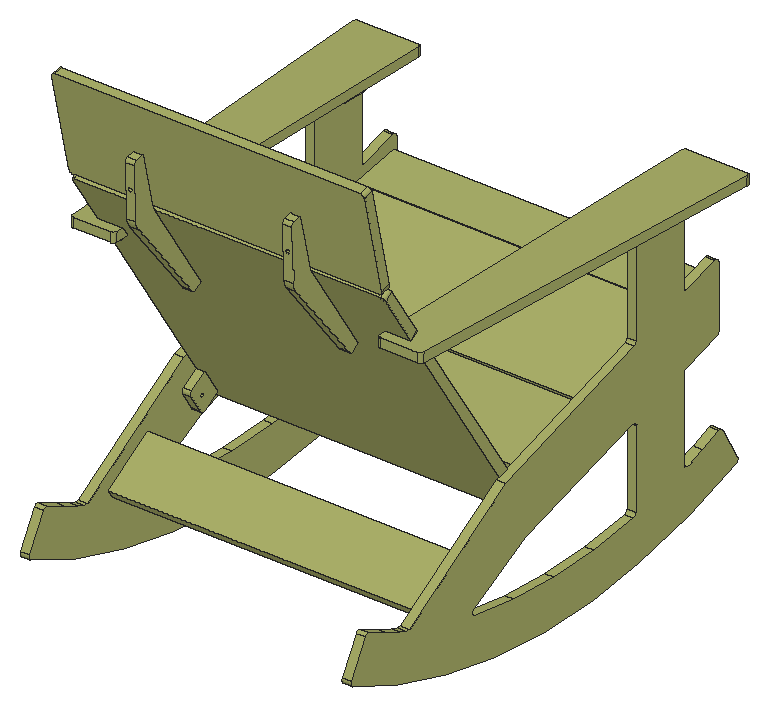
Revit family "Lollygagger Rocker", category Furniture, Revit 2016
Family settings
  OmniClass Number = 23.40.20.00
  OmniClass Title = General Furniture and Specialties
  Work Plane-Based = No
  Always vertical = Yes
  Cut with Voids When Loaded = No
  Shared = No
  Room Calculation Point = No
Parameters (values of type "Loll-Leaf")
  Width = 29 17/64"  # constant formula
  URL = "https://lolldesigns.com/"
  Type Image = lollygagger_rocker.jpg
  Thick = 5/8"  # constant formula
  Model = ""
  Manufacturer = "Loll"  # constant formula
  Length = 22 5/8"  # constant formula
  Height Arm = 22 9/32"  # constant formula
  Finish Material = Loll-Leaf
Reference planes (in)
  plane 1 "Center Front/Back": y = 0
  plane 2: z = 0
  plane 3 "Center Left/Right": x = 0
  plane 4: x = 11.3125
  plane 5: x = -11.3125
  plane 6: y = 14.74047
  plane 7: y = -14.52515
  plane 8: x = 10.6875
  plane 9: x = -10.6875
  plane 10: z = 22.28125
  plane 11: z = 21.65625
Forms (in)
  Extrusion 1, solid, material "Loll-Leaf" <- "Finish Material"
    sketch origin (-10.88537, 1.94109, 21.65625) x (0, 1, 0) y (1, 0, 0)
      loop
        arc (-13.19896, 1.88537) -> (-13.37574, 1.81215) -> (-13.44896, 1.63537) r 0.25
        line (-13.44896, 1.63537) -> (-13.44896, -0.8785)
        arc (-13.44896, -0.8785) -> (-13.38071, -1.05017) -> (-13.21322, -1.1281) r 0.25
        line (-13.21322, -1.1281) -> (12.53678, -2.59953)
        arc (12.53678, -2.59953) -> (12.7227, -2.53168) -> (12.80104, -2.34993) r 0.25
        line (12.80104, -2.34993) -> (12.80104, 1.63537)
        arc (12.80104, 1.63537) -> (12.72782, 1.81215) -> (12.55104, 1.88537) r 0.25
        line (12.55104, 1.88537) -> (-13.19896, 1.88537)
    from 0 to -0.625
  Extrusion 2, solid, material "Loll-Leaf" <- "Finish Material"
    sketch origin (0, -6.422, 16.77705) x (-1, 0, 0) y (0, -0.544639, 0.838671)
      loop
        arc (-10.4375, 11.18421) -> (-10.61428, 11.11098) -> (-10.6875, 10.93421) r 0.25
        line (-10.6875, 10.93421) -> (-10.6875, 7.0087)
        arc (-10.6875, 7.0087) -> (-10.65089, 6.92031) -> (-10.5625, 6.8837) r 0.125
        line (-10.5625, 6.8837) -> (-9.25, 6.8837)
        arc (-9.25, 6.8837) -> (-9.07322, 6.81048) -> (-9, 6.6337) r 0.25
        line (-9, 6.6337) -> (-9, 6.53474)
        arc (-9, 6.53474) -> (-9.07322, 6.35796) -> (-9.25, 6.28474) r 0.25
        line (-9.25, 6.28474) -> (-10.5625, 6.28474)
        arc (-10.5625, 6.28474) -> (-10.65089, 6.24812) -> (-10.6875, 6.15974) r 0.125
        line (-10.6875, 6.15974) -> (-10.6875, -7.81579) -> (-10.9375, -7.81579)
        arc (-10.9375, -7.81579) -> (-11.02589, -7.8524) -> (-11.0625, -7.94079) r 0.125
        line (-11.0625, -7.94079) -> (-11.0625, -10.69079)
        arc (-11.0625, -10.69079) -> (-11.02589, -10.77918) -> (-10.9375, -10.81579) r 0.125
        line (-10.9375, -10.81579) -> (10.9375, -10.81579)
        arc (10.9375, -10.81579) -> (11.02589, -10.77918) -> (11.0625, -10.69079) r 0.125
        line (11.0625, -10.69079) -> (11.0625, -7.94079)
        arc (11.0625, -7.94079) -> (11.02589, -7.8524) -> (10.9375, -7.81579) r 0.125
        line (10.9375, -7.81579) -> (10.6875, -7.81579) -> (10.6875, 6.15974)
        arc (10.6875, 6.15974) -> (10.65089, 6.24812) -> (10.5625, 6.28474) r 0.125
        line (10.5625, 6.28474) -> (9.25, 6.28474)
        arc (9.25, 6.28474) -> (9.07322, 6.35796) -> (9, 6.53474) r 0.25
        line (9, 6.53474) -> (9, 6.6337)
        arc (9, 6.6337) -> (9.07322, 6.81048) -> (9.25, 6.8837) r 0.25
        line (9.25, 6.8837) -> (10.5625, 6.8837)
        arc (10.5625, 6.8837) -> (10.65089, 6.92031) -> (10.6875, 7.0087) r 0.125
        line (10.6875, 7.0087) -> (10.6875, 10.93421)
        arc (10.6875, 10.93421) -> (10.61428, 11.11098) -> (10.4375, 11.18421) r 0.25
        line (10.4375, 11.18421) -> (-10.4375, 11.18421)
    from -0.00139 to -0.62639
  Extrusion 3, solid, material "Loll-Leaf" <- "Finish Material", not visible
    sketch origin (-23.38537, 1.94109, 22.22123) x (0, 1, 0) y (1, 0, 0)
      loop
        arc (-13.19896, 1.88537) -> (-13.37574, 1.81215) -> (-13.44896, 1.63537) r 0.25
        line (-13.44896, 1.63537) -> (-13.44896, -0.8785)
        arc (-13.44896, -0.8785) -> (-13.38071, -1.05017) -> (-13.21322, -1.1281) r 0.25
        line (-13.21322, -1.1281) -> (12.53678, -2.59953)
        arc (12.53678, -2.59953) -> (12.7227, -2.53168) -> (12.80104, -2.34993) r 0.25
        line (12.80104, -2.34993) -> (12.80104, 1.63537)
        arc (12.80104, 1.63537) -> (12.72782, 1.81215) -> (12.55104, 1.88537) r 0.25
        line (12.55104, 1.88537) -> (-13.19896, 1.88537)
    from 0 to -0.625
  Extrusion 4, solid, material "Loll-Leaf" <- "Finish Material"
    sketch origin (10.88537, -1.93943, 21.65625) x (0, -1, 0) y (-1, 0, 0)
      loop
        line (9.32009, 1.88537) -> (-16.42991, 1.88537)
        arc (-16.42991, 1.88537) -> (-16.60669, 1.81215) -> (-16.67991, 1.63537) r 0.25
        line (-16.67991, 1.63537) -> (-16.67991, -2.34993)
        arc (-16.67991, -2.34993) -> (-16.60157, -2.53168) -> (-16.41565, -2.59953) r 0.25
        line (-16.41565, -2.59953) -> (9.33435, -1.1281)
        arc (9.33435, -1.1281) -> (9.50184, -1.05017) -> (9.57009, -0.8785) r 0.25
        line (9.57009, -0.8785) -> (9.57009, 1.63537)
        arc (9.57009, 1.63537) -> (9.49687, 1.81215) -> (9.32009, 1.88537) r 0.25
    from 0 to -0.625
  Extrusion 5, solid, material "Loll-Leaf" <- "Finish Material"
    sketch origin (0, 0.96479, 11.37808) x (1, 0, 0) y (0, 0.978148, 0.207912)
      loop
        line (-10.875, -3) -> (10.875, -3)
        arc (10.875, -3) -> (10.96339, -2.96339) -> (11, -2.875) r 0.125
        line (11, -2.875) -> (11, 2.875)
        arc (11, 2.875) -> (10.96339, 2.96339) -> (10.875, 3) r 0.125
        line (10.875, 3) -> (-10.875, 3)
        arc (-10.875, 3) -> (-10.96339, 2.96339) -> (-11, 2.875) r 0.125
        line (-11, 2.875) -> (-11, -2.875)
        arc (-11, -2.875) -> (-10.96339, -2.96339) -> (-10.875, -3) r 0.125
    from 0 to -0.625
  Extrusion 6, solid, material "Loll-Leaf" <- "Finish Material"
    sketch origin (0, 9.35534, 13.46838) x (0, 0.930418, 0.366501) y (1, 0, 0)
      loop
        line (-5.49076, 10.6875) -> (-5.49076, -10.6875) -> (2.21879, -10.6875) -> (2.21879, 10.6875) -> (-5.49076, 10.6875)
    from 0 to -0.625
  Extrusion 7, solid, material "Loll-Leaf" <- "Finish Material"
    sketch origin (-10.6875, 3.48106, 9.27315) x (0, 1, 0) y (0, 0, 1)
      loop
        arc (4.25942, 5.09086) -> (4.21167, 4.94392) -> (4.08667, 4.8531) r 0.25
        line (4.08667, 4.8531) -> (-6.93124, 1.27316) -> (-15.13532, -4.05463)
        arc (-15.13532, -4.05463) -> (-15.24963, -4.09511) -> (-15.36986, -4.07928) r 0.25973
        line (-15.36986, -4.07928) -> (-15.88649, -3.88097) -> (-16.96083, -3.46247) -> (-18.55272, -2.75902)
        arc (-18.55272, -2.75902) -> (-18.73432, -2.75102) -> (-18.87333, -2.86814) r 0.25
        line (-18.87333, -2.86814) -> (-20.07075, -5.06741)
        arc (-20.07075, -5.06741) -> (-20.08685, -5.26971) -> (-19.94723, -5.41698) r 0.24934
        line (-19.94723, -5.41698) -> (-16.13723, -6.99603) -> (-12.03582, -8.20013) -> (-7.88903, -8.95722) -> (-3.65661, -9.27594) -> (0.51044, -9.14587) -> (4.49404, -8.60438) -> (8.76537, -7.57765) -> (12.71654, -6.15416)
        arc (12.71654, -6.15416) -> (12.87234, -5.99971) -> (12.85462, -5.78104) r 0.26013
        line (12.85462, -5.78104) -> (11.62093, -3.60701)
        arc (11.62093, -3.60701) -> (11.48284, -3.49111) -> (11.30258, -3.49371) r 0.25838
        line (11.30258, -3.49371) -> (9.92929, -4.0276) -> (8.60332, -4.48416)
        arc (8.60332, -4.48416) -> (8.3682, -4.45007) -> (8.25942, -4.23886) r 0.25944
        line (8.25942, -4.23886) -> (8.25942, 1.33859)
        arc (8.25942, 1.33859) -> (8.30762, 1.48616) -> (8.43364, 1.57683) r 0.25
        line (8.43364, 1.57683) -> (11.0852, 2.42025)
        arc (11.0852, 2.42025) -> (11.21122, 2.51092) -> (11.25942, 2.65849) r 0.25
        line (11.25942, 2.65849) -> (11.25942, 6.83957)
        arc (11.25942, 6.83957) -> (11.15636, 7.04182) -> (10.93216, 7.07733) r 0.25
        line (10.93216, 7.07733) -> (8.58667, 6.31524)
        arc (8.58667, 6.31524) -> (8.36247, 6.35075) -> (8.25942, 6.553) r 0.25
        line (8.25942, 6.553) -> (8.25942, 12.3831) -> (4.25942, 12.3831) -> (4.25942, 5.09086)
      loop
        arc (4.25942, -0.09279) -> (4.15699, 0.10901) -> (3.93364, 0.14545) r 0.25
        line (3.93364, 0.14545) -> (-5.26009, -2.77894) -> (-9.64473, -5.17401)
        arc (-9.64473, -5.17401) -> (-9.77572, -5.44874) -> (-9.5559, -5.65927) r 0.25976
        line (-9.5559, -5.65927) -> (-6.17499, -6.12835) -> (-2.76053, -6.28247) -> (0.65995, -6.12162) -> (4.03743, -5.64695)
        arc (4.03743, -5.64695) -> (4.19616, -5.56076) -> (4.25942, -5.39158) r 0.25788
        line (4.25942, -5.39158) -> (4.25942, -0.09279)
    from 0 to -0.625
  Extrusion 8, solid, material "Loll-Leaf" <- "Finish Material", not visible
    sketch origin (10.6875, -3.48106, 9.27315) x (0, -1, 0) y (0, 0, 1)
      loop
        line (-11.22153, 5.09086) -> (-11.22153, 12.3831) -> (-15.22153, 12.3831) -> (-15.22153, 6.553)
        arc (-15.22153, 6.553) -> (-15.32459, 6.35075) -> (-15.54879, 6.31524) r 0.25
        line (-15.54879, 6.31524) -> (-17.89428, 7.07733)
        arc (-17.89428, 7.07733) -> (-18.11848, 7.04182) -> (-18.22153, 6.83957) r 0.25
        line (-18.22153, 6.83957) -> (-18.22153, 2.65849)
        arc (-18.22153, 2.65849) -> (-18.17333, 2.51092) -> (-18.04731, 2.42025) r 0.25
        line (-18.04731, 2.42025) -> (-15.39575, 1.57683)
        arc (-15.39575, 1.57683) -> (-15.26973, 1.48616) -> (-15.22153, 1.33859) r 0.25
        line (-15.22153, 1.33859) -> (-15.22153, -4.23886)
        arc (-15.22153, -4.23886) -> (-15.33031, -4.45007) -> (-15.56543, -4.48416) r 0.25944
        line (-15.56543, -4.48416) -> (-16.8914, -4.0276) -> (-18.2647, -3.49371)
        arc (-18.2647, -3.49371) -> (-18.44496, -3.49111) -> (-18.58304, -3.60701) r 0.25838
        line (-18.58304, -3.60701) -> (-19.81673, -5.78104)
        arc (-19.81673, -5.78104) -> (-19.83445, -5.99971) -> (-19.67866, -6.15416) r 0.26013
        line (-19.67866, -6.15416) -> (-15.72749, -7.57765) -> (-11.45616, -8.60438) -> (-7.47255, -9.14587) -> (-3.3055, -9.27594) -> (0.92692, -8.95722) -> (5.0737, -8.20013) -> (9.17512, -6.99603) -> (12.98511, -5.41698)
        arc (12.98511, -5.41698) -> (13.12474, -5.26971) -> (13.10863, -5.06741) r 0.24934
        line (13.10863, -5.06741) -> (11.91122, -2.86814)
        arc (11.91122, -2.86814) -> (11.77221, -2.75102) -> (11.59061, -2.75902) r 0.25
        line (11.59061, -2.75902) -> (9.99872, -3.46247) -> (8.92437, -3.88097) -> (8.40775, -4.07928)
        arc (8.40775, -4.07928) -> (8.28752, -4.09511) -> (8.17321, -4.05463) r 0.25973
        line (8.17321, -4.05463) -> (-0.03087, 1.27316) -> (-11.04879, 4.8531)
        arc (-11.04879, 4.8531) -> (-11.17379, 4.94392) -> (-11.22153, 5.09086) r 0.25
      loop
        line (-11.22153, -0.09279) -> (-11.22153, -5.39158)
        arc (-11.22153, -5.39158) -> (-11.15828, -5.56076) -> (-10.99954, -5.64695) r 0.25788
        line (-10.99954, -5.64695) -> (-7.62206, -6.12162) -> (-4.20159, -6.28247) -> (-0.78712, -6.12835) -> (2.59379, -5.65927)
        arc (2.59379, -5.65927) -> (2.8136, -5.44874) -> (2.68261, -5.17401) r 0.25976
        line (2.68261, -5.17401) -> (-1.70202, -2.77894) -> (-10.89575, 0.14545)
        arc (-10.89575, 0.14545) -> (-11.1191, 0.10901) -> (-11.22153, -0.09279) r 0.25
    from 0 to -0.625
  Extrusion 9, solid, material "Loll-Leaf" <- "Finish Material"
    sketch origin (10.6875, -3.48106, 9.27315) x (0, -1, 0) y (0, 0, 1)
      loop
        line (-11.22153, 5.09086) -> (-11.22153, 12.3831) -> (-15.22153, 12.3831) -> (-15.22153, 6.553)
        arc (-15.22153, 6.553) -> (-15.32459, 6.35075) -> (-15.54879, 6.31524) r 0.25
        line (-15.54879, 6.31524) -> (-17.89428, 7.07733)
        arc (-17.89428, 7.07733) -> (-18.11848, 7.04182) -> (-18.22153, 6.83957) r 0.25
        line (-18.22153, 6.83957) -> (-18.22153, 2.65849)
        arc (-18.22153, 2.65849) -> (-18.17333, 2.51092) -> (-18.04731, 2.42025) r 0.25
        line (-18.04731, 2.42025) -> (-15.39575, 1.57683)
        arc (-15.39575, 1.57683) -> (-15.26973, 1.48616) -> (-15.22153, 1.33859) r 0.25
        line (-15.22153, 1.33859) -> (-15.22153, -4.23886)
        arc (-15.22153, -4.23886) -> (-15.33031, -4.45007) -> (-15.56543, -4.48416) r 0.25944
        line (-15.56543, -4.48416) -> (-16.8914, -4.0276) -> (-18.2647, -3.49371)
        arc (-18.2647, -3.49371) -> (-18.44496, -3.49111) -> (-18.58304, -3.60701) r 0.25838
        line (-18.58304, -3.60701) -> (-19.81673, -5.78104)
        arc (-19.81673, -5.78104) -> (-19.83445, -5.99971) -> (-19.67866, -6.15416) r 0.26013
        line (-19.67866, -6.15416) -> (-15.72749, -7.57765) -> (-11.45616, -8.60438) -> (-7.47255, -9.14587) -> (-3.3055, -9.27594) -> (0.92692, -8.95722) -> (5.0737, -8.20013) -> (9.17512, -6.99603) -> (12.98511, -5.41698)
        arc (12.98511, -5.41698) -> (13.12474, -5.26971) -> (13.10863, -5.06741) r 0.24934
        line (13.10863, -5.06741) -> (11.91122, -2.86814)
        arc (11.91122, -2.86814) -> (11.77221, -2.75102) -> (11.59061, -2.75902) r 0.25
        line (11.59061, -2.75902) -> (9.99872, -3.46247) -> (8.92437, -3.88097) -> (8.40775, -4.07928)
        arc (8.40775, -4.07928) -> (8.28752, -4.09511) -> (8.17321, -4.05463) r 0.25973
        line (8.17321, -4.05463) -> (-0.03087, 1.27316) -> (-11.04879, 4.8531)
        arc (-11.04879, 4.8531) -> (-11.17379, 4.94392) -> (-11.22153, 5.09086) r 0.25
      loop
        line (-11.22153, -0.09279) -> (-11.22153, -5.39158)
        arc (-11.22153, -5.39158) -> (-11.15828, -5.56076) -> (-10.99954, -5.64695) r 0.25788
        line (-10.99954, -5.64695) -> (-7.62206, -6.12162) -> (-4.20159, -6.28247) -> (-0.78712, -6.12835) -> (2.59379, -5.65927)
        arc (2.59379, -5.65927) -> (2.8136, -5.44874) -> (2.68261, -5.17401) r 0.25976
        line (2.68261, -5.17401) -> (-1.70202, -2.77894) -> (-10.89575, 0.14545)
        arc (-10.89575, 0.14545) -> (-11.1191, 0.10901) -> (-11.22153, -0.09279) r 0.25
    from 0 to -0.625
  Extrusion 10, solid, material "Loll-Leaf" <- "Finish Material"
    sketch origin (0, -13.9548, 29.52868) x (0, -0.224951, 0.97437) y (-1, 0, 0)
      loop
        line (3.5, -10.4375) -> (3.5, 10.4375)
        arc (3.5, 10.4375) -> (3.42678, 10.61428) -> (3.25, 10.6875) r 0.25
        line (3.25, 10.6875) -> (-3.25, 10.6875)
        arc (-3.25, 10.6875) -> (-3.42678, 10.61428) -> (-3.5, 10.4375) r 0.25
        line (-3.5, 10.4375) -> (-3.5, -10.4375)
        arc (-3.5, -10.4375) -> (-3.42678, -10.61428) -> (-3.25, -10.6875) r 0.25
        line (-3.25, -10.6875) -> (3.25, -10.6875)
        arc (3.25, -10.6875) -> (3.42678, -10.61428) -> (3.5, -10.4375) r 0.25
    from 0.00145 to -0.62355
  Extrusion 11, solid, material "Loll-Leaf" <- "Finish Material"
    sketch origin (0, 11.49047, 13.41585) x (-1, 0, 0) y (0, 0, 1)
      loop
        line (-10.6875, -2.70774) -> (10.6875, -2.70774) -> (10.6875, 1.25476) -> (-10.6875, 1.25476) -> (-10.6875, -2.70774)
    from 0 to -0.625
  Extrusion 12, solid, material "Loll-Leaf" <- "Finish Material"
    sketch origin (0, 2.91849, 9.99776) x (0, -0.207912, 0.978148) y (-1, 0, 0)
      loop
        line (-0.86864, 10.6875) -> (-0.86864, -10.6875) -> (1.38136, -10.6875) -> (1.38136, 10.6875) -> (-0.86864, 10.6875)
    from 0.25 to -0.375
  Extrusion 13, solid, material "Loll-Leaf" <- "Finish Material", not visible
    sketch origin (10.0625, 3.48064, 8.71192) x (0, 1, 0) y (0, 0, 1)
      loop
        line (-5.89771, 0.75052) -> (-6.99846, 0.03568)
        arc (-6.99846, 0.03568) -> (-7.10684, -0.12201) -> (-7.07197, -0.31015) r 0.25
        line (-7.07197, -0.31015) -> (-6.25501, -1.56815)
        arc (-6.25501, -1.56815) -> (-6.09732, -1.67653) -> (-5.90918, -1.64166) r 0.25
        line (-5.90918, -1.64166) -> (-4.80843, -0.92682) -> (-5.89771, 0.75052)
      loop
        circle (-6.13972, -0.59897) r 0.15467
    from 0 to 0.625
  Extrusion 14, solid, material "Loll-Leaf" <- "Finish Material", not visible
    sketch origin (-18.1875, -12.38505, 24.77911) x (0, 0.224951, -0.97437) y (0, -0.97437, -0.224951)
      loop
        line (-5.53464, 0.33309) -> (-1.92142, 0.33309)
        arc (-1.92142, 0.33309) -> (-1.86284, 0.32797) -> (-1.80603, 0.31275) r 0.33738
        line (-1.80603, 0.31275) -> (5.23059, -2.24837) -> (5.40774, -1.76166)
        arc (5.40774, -1.76166) -> (5.40421, -1.58153) -> (5.28052, -1.45055) r 0.25
        line (5.28052, -1.45055) -> (-1.29837, 1.69031)
        arc (-1.29837, 1.69031) -> (-1.60413, 1.78003) -> (-1.9226, 1.769) r 1
        line (-1.9226, 1.769) -> (-5.33299, 1.09672)
        arc (-5.33299, 1.09672) -> (-5.47776, 1.01021) -> (-5.53464, 0.85144) r 0.25
        line (-5.53464, 0.85144) -> (-5.53464, 0.33309)
    from 0 to -0.625
  Extrusion 15, void, not visible
    sketch origin (-18.1875, -14.5412, 26.25449) x (0, -0.032257, 0.99948) y (-1, 0, 0)
      loop
        circle (1.90046, -0.31296) r 0.12341
    from -1.3884 to 0
  Extrusion 16, solid, material "Loll-Leaf" <- "Finish Material"
    sketch origin (-5.6875, -12.38505, 24.21724) x (0, 0.224951, -0.97437) y (0, -0.97437, -0.224951)
      loop
        line (-5.53464, 0.33309) -> (-1.92142, 0.33309)
        arc (-1.92142, 0.33309) -> (-1.86284, 0.32797) -> (-1.80603, 0.31275) r 0.33738
        line (-1.80603, 0.31275) -> (5.22974, -2.24806) -> (5.40736, -1.76005)
        arc (5.40736, -1.76005) -> (5.40384, -1.57992) -> (5.28015, -1.44893) r 0.25
        line (5.28015, -1.44893) -> (-1.29874, 1.69192)
        arc (-1.29874, 1.69192) -> (-1.60451, 1.78164) -> (-1.92298, 1.77061) r 1
        line (-1.92298, 1.77061) -> (-5.33299, 1.09841)
        arc (-5.33299, 1.09841) -> (-5.47776, 1.01189) -> (-5.53464, 0.85313) r 0.25
        line (-5.53464, 0.85313) -> (-5.53464, 0.33309)
    from 0 to -0.625
  Extrusion 17, void
    sketch origin (-5.6875, -14.54285, 25.69257) x (0, -0.032257, 0.99948) y (-1, 0, 0)
      loop
        circle (1.90014, -0.31296) r 0.12341
    from -1.3884 to 0
  Extrusion 18, solid, material "Loll-Leaf" <- "Finish Material"
    sketch origin (5.0625, -12.38505, 24.21724) x (0, 0.224951, -0.97437) y (0, -0.97437, -0.224951)
      loop
        line (-5.53464, 0.33309) -> (-1.92142, 0.33309)
        arc (-1.92142, 0.33309) -> (-1.86284, 0.32797) -> (-1.80603, 0.31275) r 0.33738
        line (-1.80603, 0.31275) -> (5.23059, -2.24837) -> (5.40774, -1.76166)
        arc (5.40774, -1.76166) -> (5.40421, -1.58153) -> (5.28052, -1.45055) r 0.25
        line (5.28052, -1.45055) -> (-1.29837, 1.69031)
        arc (-1.29837, 1.69031) -> (-1.60413, 1.78003) -> (-1.9226, 1.769) r 1
        line (-1.9226, 1.769) -> (-5.33299, 1.09672)
        arc (-5.33299, 1.09672) -> (-5.47776, 1.01021) -> (-5.53464, 0.85144) r 0.25
        line (-5.53464, 0.85144) -> (-5.53464, 0.33309)
    from 0 to -0.625
  Extrusion 19, void
    sketch origin (5.0625, -14.5412, 25.69263) x (0, -0.032257, 0.99948) y (-1, 0, 0)
      loop
        circle (1.90046, -0.31296) r 0.12341
    from -1.3884 to 0
  Extrusion 20, solid, material "Loll-Leaf" <- "Finish Material", not visible
    sketch origin (10.6875, 8.88267, 12.51724) x (0, 1, 0) y (0, 0, 1)
      loop
        circle (0.93823, 0.01448) r 0.15496
      loop
        arc (1.9828, 1.00425) -> (1.67227, 1.08993) -> (1.47874, 1.34745) r 0.49913
        line (1.47874, 1.34745) -> (-0.84812, 0.43088) -> (-0.71061, 0.08179)
        arc (-0.71061, 0.08179) -> (0.20533, -1.06456) -> (1.60761, -1.49663) r 2.49159
        line (1.60761, -1.49663) -> (1.9828, -1.49663) -> (1.9828, 1.00425)
    from 0 to -0.625
  Extrusion 21, solid, material "Loll-Leaf" <- "Finish Material", not visible
    sketch origin (10.0625, 5.192, 8.34394) x (0, 1, 0) y (0, 0, 1)
      loop
        line (-5.07718, 2.21119) -> (-4.8043, 0.92737)
        arc (-4.8043, 0.92737) -> (-4.69592, 0.76968) -> (-4.50779, 0.73482) r 0.25
        line (-4.50779, 0.73482) -> (-3.04056, 1.04668)
        arc (-3.04056, 1.04668) -> (-2.88287, 1.15506) -> (-2.848, 1.3432) r 0.25
        line (-2.848, 1.3432) -> (-3.12089, 2.62702) -> (-5.07718, 2.21119)
      loop
        circle (-3.90447, 1.5021) r 0.15469
    from 0 to 0.625
  Extrusion 22, solid, material "Loll-Leaf" <- "Finish Material"
    sketch origin (0, 12.69476, 14.50834) x (0, 0.983255, 0.182236) y (1, 0, 0)
      loop
        line (1.85946, 10.6875) -> (-1.42966, 10.6875) -> (-1.42966, -10.6875) -> (1.85946, -10.6875) -> (1.85946, 10.6875)
    from 0 to -0.625
  Extrusion 23, solid, material "Aluminum", not visible
    sketch origin (33.25, -13.01982, 25.6699) x (-1, 0, 0) y (0, -0.544639, 0.838671)
      loop
        circle (55.68875, -5.3862) r 0.14853
      loop
        arc (55.40576, -5.5134) -> (55.68838, -5.7) -> (55.97101, -5.5134) r 0.30733
        line (55.97101, -5.5134) -> (56.1875, -5.00658) -> (56.1875, -4.76572) -> (55.1875, -4.76572) -> (55.1875, -5.00244) -> (55.40576, -5.5134)
    from 0 to 0.065
  Extrusion 24, solid, material "Loll-Leaf" <- "Finish Material", not visible
    sketch origin (10.0625, -8.02485, 11.18728) x (0, 0, 1) y (0, -1, 0)
      loop
        line (-5.89771, 0.75052) -> (-6.99846, 0.03568)
        arc (-6.99846, 0.03568) -> (-7.10684, -0.12201) -> (-7.07197, -0.31015) r 0.25
        line (-7.07197, -0.31015) -> (-6.25501, -1.56815)
        arc (-6.25501, -1.56815) -> (-6.09732, -1.67653) -> (-5.90918, -1.64166) r 0.25
        line (-5.90918, -1.64166) -> (-4.80843, -0.92682) -> (-5.89771, 0.75052)
      loop
        circle (-6.13972, -0.59897) r 0.15467
    from 0 to 0.625
  Extrusion 25, solid, material "Loll-Leaf" <- "Finish Material"
    sketch origin (0, -7.12385, 6.66008) x (0, -0.838671, -0.544639) y (-1, 0, 0)
      loop
        line (-0.86864, 10.6875) -> (-0.86864, -10.6875) -> (3.13136, -10.6875) -> (3.13136, 10.6875) -> (-0.86864, 10.6875)
    from 0.25 to -0.375
  Extrusion 26, solid, material "Loll-Leaf" <- "Finish Material"
    sketch origin (0, 0, 0) x (1, 0, 0) y (0, 1, 0)
      loop
        line (10.6875, 10.74547) -> (9.745, 10.74547)
        arc (9.745, 10.74547) -> (9.56822, 10.67225) -> (9.495, 10.49547) r 0.25
        line (9.495, 10.49547) -> (9.495, 8.98547)
        arc (9.495, 8.98547) -> (9.56822, 8.8087) -> (9.745, 8.73547) r 0.25
        line (9.745, 8.73547) -> (10.6875, 8.73547) -> (10.6875, 10.74547)
      loop
        circle (10.12602, 9.73978) r 0.15451
    from 21.13437 to 21.65625
  Extrusion 27, solid, material "Loll-Leaf" <- "Finish Material"
    sketch origin (0, 0, 0) x (-1, 0, 0) y (0, -1, 0)
      loop
        line (10.6875, -10.74547) -> (10.6875, -8.73547) -> (9.745, -8.73547)
        arc (9.745, -8.73547) -> (9.56822, -8.8087) -> (9.495, -8.98547) r 0.25
        line (9.495, -8.98547) -> (9.495, -10.49547)
        arc (9.495, -10.49547) -> (9.56822, -10.67225) -> (9.745, -10.74547) r 0.25
        line (9.745, -10.74547) -> (10.6875, -10.74547)
      loop
        circle (10.12602, -9.73978) r 0.15451
    from 21.13437 to 21.65625
  Extrusion 28, solid, material "Loll-Leaf" <- "Finish Material"
    sketch origin (10.0625, 3.48064, 8.71192) x (0, 1, 0) y (0, 0, 1)
      loop
        line (-5.89771, 0.75052) -> (-6.99846, 0.03568)
        arc (-6.99846, 0.03568) -> (-7.10684, -0.12201) -> (-7.07197, -0.31015) r 0.25
        line (-7.07197, -0.31015) -> (-6.25501, -1.56815)
        arc (-6.25501, -1.56815) -> (-6.09732, -1.67653) -> (-5.90918, -1.64166) r 0.25
        line (-5.90918, -1.64166) -> (-4.80843, -0.92682) -> (-5.89771, 0.75052)
      loop
        circle (-6.13972, -0.59897) r 0.15467
    from 0 to 0.625
  Extrusion 29, solid, material "Loll-Leaf" <- "Finish Material"
    sketch origin (10.6875, 8.88267, 12.51724) x (0, 1, 0) y (0, 0, 1)
      loop
        circle (0.93823, 0.01448) r 0.15496
      loop
        arc (1.9828, 1.00425) -> (1.67227, 1.08993) -> (1.47874, 1.34745) r 0.49913
        line (1.47874, 1.34745) -> (-0.84812, 0.43088) -> (-0.71061, 0.08179)
        arc (-0.71061, 0.08179) -> (0.20533, -1.06456) -> (1.60761, -1.49663) r 2.49159
        line (1.60761, -1.49663) -> (1.9828, -1.49663) -> (1.9828, 1.00425)
    from 0 to -0.625
  Extrusion 30, solid, material "Loll-Leaf" <- "Finish Material"
    sketch origin (10.0625, 5.192, 8.34394) x (0, 1, 0) y (0, 0, 1)
      loop
        line (-5.07718, 2.21119) -> (-4.8043, 0.92737)
        arc (-4.8043, 0.92737) -> (-4.69592, 0.76968) -> (-4.50779, 0.73482) r 0.25
        line (-4.50779, 0.73482) -> (-3.04056, 1.04668)
        arc (-3.04056, 1.04668) -> (-2.88287, 1.15506) -> (-2.848, 1.3432) r 0.25
        line (-2.848, 1.3432) -> (-3.12089, 2.62702) -> (-5.07718, 2.21119)
      loop
        circle (-3.90447, 1.5021) r 0.15469
    from 0 to 0.625
  Extrusion 31, solid, material "Aluminum"
    sketch origin (33.25, -13.01982, 25.6699) x (-1, 0, 0) y (0, -0.544639, 0.838671)
      loop
        circle (23.31125, -5.3862) r 0.14853
      loop
        line (23.59424, -5.5134) -> (23.8125, -5.00244) -> (23.8125, -4.76572) -> (22.8125, -4.76572) -> (22.8125, -5.00658) -> (23.02899, -5.5134)
        arc (23.02899, -5.5134) -> (23.31162, -5.7) -> (23.59424, -5.5134) r 0.30733
    from 0 to 0.065
  Extrusion 32, solid, material "Loll-Leaf" <- "Finish Material"
    sketch origin (10.0625, -8.02485, 11.18728) x (0, 0, 1) y (0, -1, 0)
      loop
        line (-5.89771, 0.75052) -> (-6.99846, 0.03568)
        arc (-6.99846, 0.03568) -> (-7.10684, -0.12201) -> (-7.07197, -0.31015) r 0.25
        line (-7.07197, -0.31015) -> (-6.25501, -1.56815)
        arc (-6.25501, -1.56815) -> (-6.09732, -1.67653) -> (-5.90918, -1.64166) r 0.25
        line (-5.90918, -1.64166) -> (-4.80843, -0.92682) -> (-5.89771, 0.75052)
      loop
        circle (-6.13972, -0.59897) r 0.15467
    from 0 to 0.625
  Extrusion 33, solid, material "Loll-Leaf" <- "Finish Material"
    sketch origin (-10.0625, -3.48064, 8.71192) x (0, -1, 0) y (0, 0, 1)
      loop
        line (-1.06357, 0.75052) -> (-2.15285, -0.92682) -> (-1.05209, -1.64166)
        arc (-1.05209, -1.64166) -> (-0.86396, -1.67653) -> (-0.70627, -1.56815) r 0.25
        line (-0.70627, -1.56815) -> (0.11069, -0.31015)
        arc (0.11069, -0.31015) -> (0.14556, -0.12201) -> (0.03718, 0.03568) r 0.25
        line (0.03718, 0.03568) -> (-1.06357, 0.75052)
      loop
        circle (-0.82156, -0.59897) r 0.15467
    from 0 to 0.625
  Extrusion 34, solid, material "Loll-Leaf" <- "Finish Material"
    sketch origin (-10.6875, -8.88267, 12.51724) x (0, -1, 0) y (0, 0, 1)
      loop
        circle (-18.70358, 0.01448) r 0.15496
      loop
        line (-19.74815, 1.00425) -> (-19.74815, -1.49663) -> (-19.37296, -1.49663)
        arc (-19.37296, -1.49663) -> (-17.97068, -1.06456) -> (-17.05474, 0.08179) r 2.49159
        line (-17.05474, 0.08179) -> (-16.91723, 0.43088) -> (-19.24409, 1.34745)
        arc (-19.24409, 1.34745) -> (-19.43762, 1.08993) -> (-19.74815, 1.00425) r 0.49913
    from 0 to -0.625
  Extrusion 35, solid, material "Loll-Leaf" <- "Finish Material"
    sketch origin (-10.0625, -5.192, 8.34394) x (0, -1, 0) y (0, 0, 1)
      loop
        line (-5.30682, 2.21119) -> (-7.26312, 2.62702) -> (-7.536, 1.3432)
        arc (-7.536, 1.3432) -> (-7.50113, 1.15506) -> (-7.34344, 1.04668) r 0.25
        line (-7.34344, 1.04668) -> (-5.87622, 0.73482)
        arc (-5.87622, 0.73482) -> (-5.68808, 0.76968) -> (-5.5797, 0.92737) r 0.25
        line (-5.5797, 0.92737) -> (-5.30682, 2.21119)
      loop
        circle (-6.47953, 1.5021) r 0.15469
    from 0 to 0.625
  Extrusion 36, solid, material "Loll-Leaf" <- "Finish Material"
    sketch origin (-10.0625, 8.02485, 11.18728) x (0, 0, 1) y (0, 1, 0)
      loop
        line (-5.89771, -16.80186) -> (-4.80843, -15.12452) -> (-5.90918, -14.40968)
        arc (-5.90918, -14.40968) -> (-6.09732, -14.37482) -> (-6.25501, -14.48319) r 0.25
        line (-6.25501, -14.48319) -> (-7.07197, -15.7412)
        arc (-7.07197, -15.7412) -> (-7.10684, -15.92934) -> (-6.99846, -16.08703) r 0.25
        line (-6.99846, -16.08703) -> (-5.89771, -16.80186)
      loop
        circle (-6.13972, -15.45238) r 0.15467
    from 0 to 0.625
  Extrusion 37, solid, material "Aluminum"
    sketch origin (-33.25, -13.01982, 25.6699) x (1, 0, 0) y (0, 0.544639, -0.838671)
      loop
        circle (23.31125, 5.3862) r 0.14853
      loop
        arc (23.59424, 5.5134) -> (23.31162, 5.7) -> (23.02899, 5.5134) r 0.30733
        line (23.02899, 5.5134) -> (22.8125, 5.00658) -> (22.8125, 4.76572) -> (23.8125, 4.76572) -> (23.8125, 5.00244) -> (23.59424, 5.5134)
    from 0 to 0.065
Cuts and joins
  Extrusion 17, Extrusion 19 cuts Extrusion 10
  Extrusion 17, Extrusion 19 cuts Extrusion 16
  Extrusion 19 cuts Extrusion 18
Lines and regions (in)
  Masking region 1
    outline origin (0, 0, 0) x (1, 0, 0) y (0, 1, 0)
      loop
        arc (-13.23531, 14.74213) -> (-13.41766, 14.66319) -> (-13.4849, 14.47621) r 0.25009
        line (-13.4849, 14.47621) -> (-12.01347, -11.27544)
        arc (-12.01347, -11.27544) -> (-11.93554, -11.44293) -> (-11.76388, -11.51118) r 0.25
        line (-11.76388, -11.51118) -> (-11.3125, -11.51118) -> (-11.3125, -16.61931) -> (-10.6875, -16.61931) -> (-10.6875, -14.68589)
        spline (-10.6875, -14.68589) -> (-10.68536, -14.69323) -> (-10.67898, -14.70045) -> (-10.66847, -14.70741) -> (-10.65401, -14.71401) -> (-10.63584, -14.72013) -> (-10.61428, -14.72566) -> (-10.58969, -14.73051) -> (-10.5625, -14.7346) -> (-10.53317, -14.73785) -> (-10.5022, -14.74021) -> (-10.47013, -14.74165) -> (-10.4375, -14.74213)
        line (-10.4375, -14.74213) -> (10.4375, -14.74213)
        spline (10.4375, -14.74213) -> (10.47013, -14.74165) -> (10.5022, -14.74021) -> (10.53317, -14.73785) -> (10.5625, -14.7346) -> (10.58969, -14.73051) -> (10.61428, -14.72566) -> (10.63584, -14.72013) -> (10.65401, -14.71401) -> (10.66847, -14.70741) -> (10.67898, -14.70045) -> (10.68536, -14.69323) -> (10.6875, -14.68589)
        line (10.6875, -14.68589) -> (10.6875, -16.62168) -> (11.3125, -16.62168) -> (11.3125, -11.51118) -> (11.76378, -11.51118)
        arc (11.76378, -11.51118) -> (11.93544, -11.44293) -> (12.01338, -11.27544) r 0.25
        line (12.01338, -11.27544) -> (13.4848, 14.47621)
        arc (13.4848, 14.47621) -> (13.41696, 14.66213) -> (13.23521, 14.74047) r 0.25
        line (13.23521, 14.74047) -> (11.3125, 14.74047) -> (11.3125, 16.37018) -> (10.6875, 16.37018) -> (10.6875, 14.74047) -> (9.25, 14.74047)
        arc (9.25, 14.74047) -> (9.13068, 14.71016) -> (9.0403, 14.62658) r 0.25
        line (9.0403, 14.62658) -> (-9.0403, 14.62658)
        arc (-9.0403, 14.62658) -> (-9.13068, 14.71016) -> (-9.25, 14.74047) r 0.25
        line (-9.25, 14.74047) -> (-10.6875, 14.74047) -> (-10.6875, 16.37183) -> (-11.3125, 16.37183) -> (-11.3125, 14.74213) -> (-13.23531, 14.74213)
  Masking region 2
    outline origin (0, -0.21698, 0) x (0, 1, 0) y (0, 0, 1)
      loop
        line (-12.34151, 26.25898) -> (-13.91617, 33.07957) -> (-14.52515, 32.93898) -> (-13.7393, 29.53509) -> (-14.24437, 29.41849)
        arc (-14.24437, 29.41849) -> (-14.38627, 29.32735) -> (-14.438, 29.16683) r 0.25
        line (-14.438, 29.16683) -> (-14.32587, 25.69263)
        arc (-14.32587, 25.69263) -> (-14.26498, 25.37984) -> (-14.10878, 25.10209) r 1
        line (-14.10878, 25.10209) -> (-9.56849, 19.39836)
        arc (-9.56849, 19.39836) -> (-9.41304, 19.3073) -> (-9.23674, 19.34439) r 0.25
        line (-9.23674, 19.34439) -> (-8.80235, 19.62648) -> (-2.96133, 10.6321) -> (-3.23321, 10.54376) -> (-11.43729, 5.21852)
        arc (-11.43729, 5.21852) -> (-11.5516, 5.17804) -> (-11.67182, 5.19387) r 0.25973
        line (-11.67182, 5.19387) -> (-12.18845, 5.39218) -> (-13.2628, 5.81068) -> (-14.85634, 6.51486)
        arc (-14.85634, 6.51486) -> (-15.03923, 6.52254) -> (-15.17695, 6.40196) r 0.24641
        line (-15.17695, 6.40196) -> (-16.37437, 4.2027)
        arc (-16.37437, 4.2027) -> (-16.38909, 4.00246) -> (-16.25085, 3.85686) r 0.24817
        line (-16.25085, 3.85686) -> (-12.4392, 2.27712) -> (-8.33778, 1.07302) -> (-4.191, 0.31593) -> (0.04142, -0.00279) -> (4.20847, 0.12728) -> (8.19208, 0.66877) -> (12.46341, 1.6955) -> (16.41458, 3.11898)
        arc (16.41458, 3.11898) -> (16.57037, 3.27344) -> (16.55265, 3.49211) r 0.26013
        line (16.55265, 3.49211) -> (15.31896, 5.66614)
        arc (15.31896, 5.66614) -> (15.18088, 5.78204) -> (15.00062, 5.77944) r 0.25838
        line (15.00062, 5.77944) -> (13.62732, 5.24555) -> (12.30242, 4.78935)
        arc (12.30242, 4.78935) -> (12.06657, 4.82355) -> (11.95745, 5.03541) r 0.26024
        line (11.95745, 5.03541) -> (11.95745, 10.61174)
        arc (11.95745, 10.61174) -> (12.00565, 10.75931) -> (12.13167, 10.84998) r 0.25
        line (12.13167, 10.84998) -> (14.78323, 11.6934)
        arc (14.78323, 11.6934) -> (14.90925, 11.78407) -> (14.95745, 11.93164) r 0.25
        line (14.95745, 11.93164) -> (14.95745, 16.11272)
        arc (14.95745, 16.11272) -> (14.8544, 16.31497) -> (14.6302, 16.35048) r 0.25
        line (14.6302, 16.35048) -> (12.28471, 15.58838)
        arc (12.28471, 15.58838) -> (12.06051, 15.62389) -> (11.95745, 15.82615) r 0.25
        line (11.95745, 15.82615) -> (11.95745, 21.65625) -> (14.95745, 21.65625) -> (14.95745, 22.28125) -> (-9.78115, 22.28125) -> (-12.29803, 26.15691) -> (-12.8222, 25.81651) -> (-12.91312, 25.95652) -> (-12.95049, 26.11839) -> (-12.34151, 26.25898)
      loop
        line (7.95745, 3.87472) -> (7.95745, 9.18036)
        arc (7.95745, 9.18036) -> (7.85502, 9.38215) -> (7.63167, 9.41859) r 0.25
        line (7.63167, 9.41859) -> (-1.56206, 6.4942) -> (-5.94669, 4.09914)
        arc (-5.94669, 4.09914) -> (-6.07768, 3.82441) -> (-5.85786, 3.61388) r 0.25976
        line (-5.85786, 3.61388) -> (-2.47696, 3.14479) -> (0.93751, 2.99068) -> (4.35798, 3.15152) -> (7.74225, 3.62715)
        arc (7.74225, 3.62715) -> (7.89613, 3.7107) -> (7.95745, 3.87472) r 0.25
      loop
        line (-9.37527, 21.65625) -> (-2.34595, 10.83205) -> (7.78471, 14.12625)
        arc (7.78471, 14.12625) -> (7.90971, 14.21706) -> (7.95745, 14.36401) r 0.25
        line (7.95745, 14.36401) -> (7.95745, 21.65625) -> (-9.37527, 21.65625)
  Masking region 3
    outline origin (0, 0, 0) x (1, 0, 0) y (0, 0, 1)
      loop
        line (13.48531, 22.28125) -> (10.6875, 22.28125) -> (10.6875, 25.94597)
        spline (10.6875, 25.94597) -> (10.68633, 25.96619) -> (10.68285, 25.98622) -> (10.67708, 26.00588) -> (10.66907, 26.02498) -> (10.65891, 26.04334) -> (10.64668, 26.06079) -> (10.6325, 26.07717) -> (10.61651, 26.09233) -> (10.59885, 26.10613) -> (10.57968, 26.11843) -> (10.55918, 26.12913) -> (10.53756, 26.13812)
        spline (10.53756, 26.13812) -> (10.55918, 26.14856) -> (10.57968, 26.16098) -> (10.59885, 26.17528) -> (10.61651, 26.19131) -> (10.6325, 26.20892) -> (10.64668, 26.22795) -> (10.65891, 26.24823) -> (10.66907, 26.26956) -> (10.67708, 26.29175) -> (10.68285, 26.31458) -> (10.68633, 26.33786) -> (10.6875, 26.36135)
        line (10.6875, 26.36135) -> (10.6875, 32.83565)
        spline (10.6875, 32.83565) -> (10.68536, 32.86745) -> (10.67898, 32.8987) -> (10.66847, 32.92887) -> (10.65401, 32.95745) -> (10.63584, 32.98394) -> (10.61428, 33.0079) -> (10.58969, 33.02891) -> (10.5625, 33.04661) -> (10.53317, 33.0607) -> (10.5022, 33.07094) -> (10.47013, 33.07716) -> (10.4375, 33.07924)
        line (10.4375, 33.07924) -> (-10.4375, 33.07924)
        spline (-10.4375, 33.07924) -> (-10.47013, 33.07716) -> (-10.5022, 33.07094) -> (-10.53317, 33.0607) -> (-10.5625, 33.04661) -> (-10.58969, 33.02891) -> (-10.61428, 33.0079) -> (-10.63584, 32.98394) -> (-10.65401, 32.95745) -> (-10.66847, 32.92887) -> (-10.67898, 32.8987) -> (-10.68536, 32.86745) -> (-10.6875, 32.83565)
        line (-10.6875, 32.83565) -> (-10.6875, 26.36135)
        spline (-10.6875, 26.36135) -> (-10.68633, 26.33786) -> (-10.68285, 26.31458) -> (-10.67708, 26.29175) -> (-10.66907, 26.26956) -> (-10.65891, 26.24823) -> (-10.64668, 26.22795) -> (-10.6325, 26.20892) -> (-10.61651, 26.19131) -> (-10.59885, 26.17528) -> (-10.57968, 26.16098) -> (-10.55918, 26.14856) -> (-10.53756, 26.13812)
        spline (-10.53756, 26.13812) -> (-10.55918, 26.12913) -> (-10.57968, 26.11843) -> (-10.59885, 26.10613) -> (-10.61651, 26.09233) -> (-10.6325, 26.07717) -> (-10.64668, 26.06079) -> (-10.65891, 26.04334) -> (-10.66907, 26.02498) -> (-10.67708, 26.00588) -> (-10.68285, 25.98622) -> (-10.68633, 25.96619) -> (-10.6875, 25.94597)
        line (-10.6875, 25.94597) -> (-10.6875, 22.28125) -> (-13.48531, 22.28125) -> (-13.48531, 21.65625) -> (-11.3125, 21.65625) -> (-11.3125, 0) -> (-10.6875, 0) -> (-10.6875, 4.07517) -> (-10.0625, 4.07517) -> (-10.0625, 4.74495) -> (10.0625, 4.74495) -> (10.0625, 4.07517) -> (10.6875, 4.07517) -> (10.6875, 0) -> (11.3125, 0) -> (11.3125, 21.65625) -> (13.48531, 21.65625) -> (13.48531, 22.28125)
  symbolic lines
    curve 1: line (10.6875, 0, 22.28125) -> (9, 0, 22.28125)
    curve 2: line (9, 0, 22.28125) -> (9, 0, 21.65625)
    curve 3: line (11.3125, 0, 21.65625) -> (9, 0, 21.65625)
    curve 4: spline (10.5625, 0, 22.54645) -> (10.57882, 0, 22.54735) -> (10.59485, 0, 22.55002) -> (10.61034, 0, 22.55443) -> (10.625, 0, 22.5605) -> (10.6386, 0, 22.56811) -> (10.65089, 0, 22.57716) -> (10.66167, 0, 22.58747) -> (10.67075, 0, 22.59887) -> (10.67798, 0, 22.61117) -> (10.68324, 0, 22.62415) -> (10.68643, 0, 22.6376) -> (10.6875, 0, 22.65128)
    curve 5: line (9.25, 0, 22.54645) -> (10.5625, 0, 22.54645)
    curve 6: spline (9, 0, 22.33678) -> (9.00214, 0, 22.36415) -> (9.00852, 0, 22.39105) -> (9.01903, 0, 22.41702) -> (9.03349, 0, 22.44162) -> (9.05166, 0, 22.46442) -> (9.07322, 0, 22.48504) -> (9.09781, 0, 22.50312) -> (9.125, 0, 22.51836) -> (9.15433, 0, 22.53049) -> (9.1853, 0, 22.53931) -> (9.21737, 0, 22.54466) -> (9.25, 0, 22.54645)
    curve 7: line (9, 0, 21.91338) -> (9, 0, 22.33678)
    curve 8: line (10.6875, 0, 21.13437) -> (9.5, 0, 21.13437)
    curve 9: line (9.5, 0, 21.13437) -> (9.5, 0, 21.65625)
    curve 10: line (11.3125, 0, 16.38437) -> (10.6875, 0, 16.38437)
    curve 11: line (10.6875, 0, 0.25498) -> (10.6875, 0, 21.13437)
    curve 12: spline (-10.5625, 0, 22.54645) -> (-10.57882, 0, 22.54735) -> (-10.59485, 0, 22.55002) -> (-10.61034, 0, 22.55443) -> (-10.625, 0, 22.5605) -> (-10.6386, 0, 22.56811) -> (-10.65089, 0, 22.57716) -> (-10.66167, 0, 22.58747) -> (-10.67075, 0, 22.59887) -> (-10.67798, 0, 22.61117) -> (-10.68324, 0, 22.62415) -> (-10.68643, 0, 22.6376) -> (-10.6875, 0, 22.65128)
    curve 13: line (-9.25, 0, 22.54645) -> (-10.5625, 0, 22.54645)
    curve 14: spline (-9, 0, 22.33678) -> (-9.00214, 0, 22.36415) -> (-9.00852, 0, 22.39105) -> (-9.01903, 0, 22.41702) -> (-9.03349, 0, 22.44162) -> (-9.05166, 0, 22.46442) -> (-9.07322, 0, 22.48504) -> (-9.09781, 0, 22.50312) -> (-9.125, 0, 22.51836) -> (-9.15433, 0, 22.53049) -> (-9.1853, 0, 22.53931) -> (-9.21737, 0, 22.54466) -> (-9.25, 0, 22.54645)
    curve 15: line (-9, 0, 21.91338) -> (-9, 0, 22.33678)
    curve 16: line (-11.3125, 0, 16.33375) -> (-10.6875, 0, 16.33375)
    curve 17: line (-10.6875, 0, 0.25498) -> (-10.6875, 0, 21.13437)
    curve 18: line (-10.6875, 0, 21.13437) -> (-9.5, 0, 21.13437)
    curve 19: line (-9.5, 0, 21.13437) -> (-9.5, 0, 21.65625)
    curve 20: line (-10.6875, 0, 22.28125) -> (-9, 0, 22.28125)
    curve 21: line (-9, 0, 22.28125) -> (-9, 0, 21.65625)
    curve 22: line (-12.1955, 0, 21.65625) -> (-9, 0, 21.65625)
    curve 26: line (0, -11.51077, 22.28125) -> (0, -9.78276, 22.28125)
    curve 27: line (0, -11.51077, 22.28125) -> (0, -11.51077, 21.65625)
    curve 28: line (0, -11.51077, 21.65625) -> (0, -9.36688, 21.65625)
    curve 32: line (-9, 14.49047, 0) -> (-9, -9.81923, 0)
    curve 33: line (9, 14.62658, 0) -> (-9, 14.62658, 0)
    curve 36: line (9, -1.97061, 0) -> (-9, -1.97061, 0)
    curve 37: spline (-9.25, -9.95539, 0) -> (-9.21737, -9.95423, 0) -> (-9.1853, -9.95075, 0) -> (-9.15433, -9.94503, 0) -> (-9.125, -9.93715, 0) -> (-9.09781, -9.92726, 0) -> (-9.07322, -9.91551, 0) -> (-9.05166, -9.90212, 0) -> (-9.03349, -9.88731, 0) -> (-9.01903, -9.87134, 0) -> (-9.00852, -9.85447, 0) -> (-9.00214, -9.83701, 0) -> (-9, -9.81923, 0)
    curve 38: line (-10.5625, -9.95539, 0) -> (-9.25, -9.95539, 0)
    curve 39: spline (-10.6875, -10.02347, 0) -> (-10.68643, -10.01459, 0) -> (-10.68324, -10.00585, 0) -> (-10.67798, -9.99742, 0) -> (-10.67075, -9.98943, 0) -> (-10.66167, -9.98203, 0) -> (-10.65089, -9.97533, 0) -> (-10.6386, -9.96946, 0) -> (-10.625, -9.96451, 0) -> (-10.61034, -9.96058, 0) -> (-10.59485, -9.95771, 0) -> (-10.57882, -9.95598, 0) -> (-10.5625, -9.95539, 0)
    curve 40: line (-10.6875, -10.02347, 0) -> (-10.6875, -14.69206, 0)
    curve 49: line (-11.3125, -11.51118, 0) -> (-10.6875, -11.51118, 0)
    curve 50: line (9, 14.49047, 0) -> (9, -9.81923, 0)
    curve 51: spline (9.25, -9.95539, 0) -> (9.21737, -9.95423, 0) -> (9.1853, -9.95075, 0) -> (9.15433, -9.94503, 0) -> (9.125, -9.93715, 0) -> (9.09781, -9.92726, 0) -> (9.07322, -9.91551, 0) -> (9.05166, -9.90212, 0) -> (9.03349, -9.88731, 0) -> (9.01903, -9.87134, 0) -> (9.00852, -9.85447, 0) -> (9.00214, -9.83701, 0) -> (9, -9.81923, 0)
    curve 52: line (10.5625, -9.95539, 0) -> (9.25, -9.95539, 0)
    curve 53: spline (10.6875, -10.02347, 0) -> (10.68643, -10.01459, 0) -> (10.68324, -10.00585, 0) -> (10.67798, -9.99742, 0) -> (10.67075, -9.98943, 0) -> (10.66167, -9.98203, 0) -> (10.65089, -9.97533, 0) -> (10.6386, -9.96946, 0) -> (10.625, -9.96451, 0) -> (10.61034, -9.96058, 0) -> (10.59485, -9.95771, 0) -> (10.57882, -9.95598, 0) -> (10.5625, -9.95539, 0)
    curve 54: line (10.6875, -10.02347, 0) -> (10.6875, -14.07868, 0)
    curve 58: line (11.3125, -11.51118, 0) -> (10.6875, -11.51118, 0)
    curve 59: line (0, 11.97245, 21.65625) -> (0, 7.94245, 21.65625)
    curve 64: line (-11.3125, 14.74047, 0) -> (-10.6875, 14.74047, 0)
    curve 65: line (11.3125, 14.74047, 0) -> (10.6875, 14.74047, 0)
  symbolic lines, detail levels medium+fine
    curve 23: line (0, -13.1301, 25.95652) -> (0, -13.9453, 29.48754)
    curve 24: line (0, -10.74335, 22.28125) -> (0, -13.1301, 25.95652)
    curve 25: line (0, -10.17196, 22.54893) -> (0, -10.58416, 22.28125)
    curve 29: line (0, -9.85154, 20.78864) -> (0, -9.79703, 20.82404)
    curve 30: line (0, -9.85154, 20.78864) -> (0, -10.41498, 21.65625)
    curve 31: line (0, -10.33747, 21.65625) -> (0, -9.01892, 19.62585)
    curve 34: line (9, 4.01756, 0) -> (-9, 4.01756, 0)
    curve 35: line (9, 3.89828, 0) -> (-9, 3.89828, 0)
    curve 41: spline (-10.4375, -12.29762, 0) -> (-10.47013, -12.29645, 0) -> (-10.5022, -12.29298, 0) -> (-10.53317, -12.28725, 0) -> (-10.5625, -12.27937, 0) -> (-10.58969, -12.26948, 0) -> (-10.61428, -12.25774, 0) -> (-10.63584, -12.24435, 0) -> (-10.65401, -12.22954, 0) -> (-10.66847, -12.21356, 0) -> (-10.67898, -12.1967, 0) -> (-10.68536, -12.17923, 0) -> (-10.6875, -12.16146, 0)
    curve 42: spline (-10.6875, -12.39775, 0) -> (-10.68536, -12.39041, 0) -> (-10.67898, -12.38319, 0) -> (-10.66847, -12.37623, 0) -> (-10.65401, -12.36963, 0) -> (-10.63584, -12.36351, 0) -> (-10.61428, -12.35798, 0) -> (-10.58969, -12.35313, 0) -> (-10.5625, -12.34905, 0) -> (-10.53317, -12.34579, 0) -> (-10.5022, -12.34343, 0) -> (-10.47013, -12.34199, 0) -> (-10.4375, -12.34151, 0)
    curve 43: line (10.4375, -12.29762, 0) -> (-10.4375, -12.29762, 0)
    curve 44: line (-10.4375, -12.34151, 0) -> (10.4375, -12.34151, 0)
    curve 45: spline (10.4375, -12.34151, 0) -> (10.47013, -12.34199, 0) -> (10.5022, -12.34343, 0) -> (10.53317, -12.34579, 0) -> (10.5625, -12.34905, 0) -> (10.58969, -12.35313, 0) -> (10.61428, -12.35798, 0) -> (10.63584, -12.36351, 0) -> (10.65401, -12.36963, 0) -> (10.66847, -12.37623, 0) -> (10.67898, -12.38319, 0) -> (10.68536, -12.39041, 0) -> (10.6875, -12.39775, 0)
    curve 46: spline (10.6875, -12.16146, 0) -> (10.68536, -12.17923, 0) -> (10.67898, -12.1967, 0) -> (10.66847, -12.21356, 0) -> (10.65401, -12.22954, 0) -> (10.63584, -12.24435, 0) -> (10.61428, -12.25774, 0) -> (10.58969, -12.26948, 0) -> (10.5625, -12.27937, 0) -> (10.53317, -12.28725, 0) -> (10.5022, -12.29298, 0) -> (10.47013, -12.29645, 0) -> (10.4375, -12.29762, 0)
    curve 47: spline (-10.4375, -14.13492, 0) -> (-10.47013, -14.13444, 0) -> (-10.5022, -14.133, 0) -> (-10.53317, -14.13064, 0) -> (-10.5625, -14.12739, 0) -> (-10.58969, -14.1233, 0) -> (-10.61428, -14.11845, 0) -> (-10.63584, -14.11292, 0) -> (-10.65401, -14.1068, 0) -> (-10.66847, -14.1002, 0) -> (-10.67898, -14.09324, 0) -> (-10.68536, -14.08602, 0) -> (-10.6875, -14.07868, 0)
    curve 48: line (10.4375, -14.13492, 0) -> (-10.4375, -14.13492, 0)
    curve 55: spline (10.4375, -12.29762, 0) -> (10.47013, -12.29645, 0) -> (10.5022, -12.29298, 0) -> (10.53317, -12.28725, 0) -> (10.5625, -12.27937, 0) -> (10.58969, -12.26948, 0) -> (10.61428, -12.25774, 0) -> (10.63584, -12.24435, 0) -> (10.65401, -12.22954, 0) -> (10.66847, -12.21356, 0) -> (10.67898, -12.1967, 0) -> (10.68536, -12.17923, 0) -> (10.6875, -12.16146, 0)
    curve 56: spline (10.6875, -12.39775, 0) -> (10.68536, -12.39041, 0) -> (10.67898, -12.38319, 0) -> (10.66847, -12.37623, 0) -> (10.65401, -12.36963, 0) -> (10.63584, -12.36351, 0) -> (10.61428, -12.35798, 0) -> (10.58969, -12.35313, 0) -> (10.5625, -12.34905, 0) -> (10.53317, -12.34579, 0) -> (10.5022, -12.34343, 0) -> (10.47013, -12.34199, 0) -> (10.4375, -12.34151, 0)
    curve 57: spline (10.4375, -14.13492, 0) -> (10.47013, -14.13444, 0) -> (10.5022, -14.133, 0) -> (10.53317, -14.13064, 0) -> (10.5625, -14.12739, 0) -> (10.58969, -14.1233, 0) -> (10.61428, -14.11845, 0) -> (10.63584, -14.11292, 0) -> (10.65401, -14.1068, 0) -> (10.66847, -14.1002, 0) -> (10.67898, -14.09324, 0) -> (10.68536, -14.08602, 0) -> (10.6875, -14.07868, 0)
    curve 60: line (0, 10.27014, 21.65625) -> (0, 10.27014, 21.58623)
    curve 61: line (0, 10.27014, 21.58623) -> (0, 9.64495, 21.58623)
    curve 62: line (0, 9.64495, 21.58623) -> (0, 9.64495, 21.65625)
    curve 63: line (0, -2.56293, 10.83205) -> (0, -3.17831, 10.6321)
Dimensions and locks (in)
  "Length": plane 5 to plane 4
  "Width": plane 6 to plane 7
  equal spacing: plane 5, plane 3 "Center Left/Right", plane 4
  "Thick": plane 8 to plane 4
  locked: Extrusion 4 to plane 4 at 2.3125
  "Thick": plane 5 to plane 9
  locked: plane 5 to Extrusion 1 at 2.3125
  "Height Arm": plane 10 to level
  "Thick": plane 10 to plane 11
  aligned and locked: level to plane 2
  aligned and locked: Extrusion 9 to plane 4
  aligned and locked: plane 5 to Extrusion 7
  aligned and locked: plane 10 to Extrusion 1
  aligned and locked: Extrusion 1 to plane 11
  aligned and locked: plane 10 to Extrusion 4
  aligned and locked: Extrusion 4 to plane 11
  aligned and locked: curve 1 to plane 10
  aligned and locked: plane 11 to curve 22
  aligned and locked: plane 10 to curve 20
  aligned and locked: plane 11 to Masking region 3  (x2)
  aligned and locked: Masking region 3 to plane 10  (x2)
  aligned and locked: Masking region 3 sketch curve to cut or joined group of Extrusion 10, Extrusion 17, Extrusion 19
  aligned and locked: Masking region 3 sketch curve to Masking region 3 sketch curve
  aligned and locked: plane 11 to Masking region 2  (x2)
  aligned and locked: Masking region 2 to plane 10
  aligned and locked: Extrusion 4 to Masking region 1
  aligned and locked: Masking region 1 to Extrusion 4
  aligned and locked: Masking region 1 sketch curve to Extrusion 1
  aligned and locked: Extrusion 4 to Masking region 1 sketch curve
  aligned and locked: Extrusion 1 to Masking region 1
  aligned and locked: Masking region 1 to cut or joined group of Extrusion 10, Extrusion 17, Extrusion 19
  aligned and locked: plane 11 to Extrusion 26
  aligned and locked: plane 11 to Extrusion 27
  aligned and locked: plane 9 to Extrusion 27
  aligned and locked: Extrusion 29 to plane 8
  aligned and locked: Extrusion 25 to plane 8
  aligned and locked: Extrusion 28 to plane 8
  aligned and locked: Extrusion 30 to plane 8
  aligned and locked: Masking region 2 to cut or joined group of Extrusion 10, Extrusion 17, Extrusion 19  (x2)
  aligned and locked: Masking region 2 to cut or joined group of Extrusion 16, Extrusion 17, Extrusion 19  (x3)
  aligned and locked: Masking region 2 to Extrusion 2  (x3)
  aligned and locked: Masking region 2 to Extrusion 7  (x7)
  aligned and locked: Masking region 2 to plane 6
  aligned and locked: Masking region 2 to curve 63
  aligned and locked: Masking region 2 sketch curve to Extrusion 7  (x18)
  aligned and locked: Extrusion 7 to Masking region 2 sketch curve
  aligned and locked: plane 5 to Masking region 1 sketch curve
  aligned and locked: plane 9 to Masking region 1 sketch curve
  aligned and locked: plane 8 to Masking region 1 sketch curve
  aligned and locked: Masking region 1 sketch curve to plane 4
  aligned and locked: curve 8 to Extrusion 26
  aligned and locked: curve 18 to Extrusion 27
  aligned and locked: Masking region 3 to Extrusion 25
  aligned and locked: plane 9 to Extrusion 34
  aligned and locked: plane 9 to Extrusion 35
  aligned and locked: plane 9 to Extrusion 33
  aligned and locked: plane 9 to Extrusion 36
  aligned and locked: plane 9 to Extrusion 25
  aligned and locked: Extrusion 36 to Extrusion 7
  aligned and locked: Extrusion 33 to Extrusion 7
  aligned and locked: Extrusion 35 to Extrusion 7
  aligned and locked: Extrusion 34 to Extrusion 7
Automatic sketch dimensions
  Extrusion 1 sketch curve to Extrusion 1 sketch curve = 0.01426"  (x2)
  Extrusion 1 sketch curve to Extrusion 1 sketch curve = 0.24959"
  Extrusion 1 sketch curve to Extrusion 1 sketch curve = 1/4"  (x2)
  Extrusion 1 sketch curve to Extrusion 1 sketch curve = 25 3/4"
  Extrusion 1 sketch curve to Extrusion 1 sketch curve = 0"
  Extrusion 1 sketch curve to Extrusion 1 sketch curve = 2.51388"
  Extrusion 1 sketch curve to Extrusion 1 sketch curve = 3.98531"
  Extrusion 3 sketch curve to Extrusion 3 sketch curve = 0.01426"  (x2)
  Extrusion 3 sketch curve to Extrusion 3 sketch curve = 0.24959"
  Extrusion 3 sketch curve to Extrusion 3 sketch curve = 1/4"  (x2)
  Extrusion 3 sketch curve to Extrusion 3 sketch curve = 25 3/4"
  Extrusion 3 sketch curve to Extrusion 3 sketch curve = 0"
  Extrusion 3 sketch curve to Extrusion 3 sketch curve = 2.51388"
  Extrusion 3 sketch curve to Extrusion 3 sketch curve = 3.98531"
  Extrusion 4 sketch curve to Extrusion 4 sketch curve = 0.01426"  (x2)
  Extrusion 4 sketch curve to Extrusion 4 sketch curve = 0.24959"
  Extrusion 4 sketch curve to Extrusion 4 sketch curve = 1/4"  (x2)
  Extrusion 4 sketch curve to Extrusion 4 sketch curve = 25 3/4"
  Extrusion 4 sketch curve to Extrusion 4 sketch curve = 0"
  Extrusion 4 sketch curve to Extrusion 4 sketch curve = 2.51388"
  Extrusion 4 sketch curve to Extrusion 4 sketch curve = 3.98531"
  Extrusion 14 sketch curve to Extrusion 14 sketch curve = 0.19222"
  Extrusion 14 to Extrusion 15 sketch curve = 0.31204"
  Extrusion 15 sketch curve to Extrusion 14 = 1.57556"
  Extrusion 14 sketch curve to Extrusion 14 sketch curve = 0.04835"
  Extrusion 14 sketch curve to Extrusion 14 sketch curve = 0.1934"
  Extrusion 14 sketch curve to Extrusion 14 sketch curve = 0.11539"
  Extrusion 14 sketch curve to Extrusion 14 sketch curve = 0.62424"
  Extrusion 14 sketch curve to Extrusion 14 sketch curve = 0.05777"
  Extrusion 14 sketch curve to Extrusion 14 sketch curve = 0.10771"
  Extrusion 14 sketch curve to Extrusion 14 sketch curve = 0.23492"
  Extrusion 14 sketch curve to Extrusion 14 sketch curve = 0.48671"
  Extrusion 14 sketch curve to Extrusion 14 sketch curve = 0.31703"
  Extrusion 16 sketch curve to Extrusion 16 sketch curve = 0.19185"
  Extrusion 16 to Extrusion 17 sketch curve = 0.31204"
  Extrusion 17 sketch curve to Extrusion 16 = 1.57556"
  Extrusion 16 sketch curve to Extrusion 16 sketch curve = 0.04835"
  Extrusion 16 sketch curve to Extrusion 16 sketch curve = 0.1934"
  Extrusion 16 sketch curve to Extrusion 16 sketch curve = 0.11539"
  Extrusion 16 sketch curve to Extrusion 16 sketch curve = 0.62424"
  Extrusion 16 sketch curve to Extrusion 16 sketch curve = 0.0573"
  Extrusion 16 sketch curve to Extrusion 16 sketch curve = 0.10771"
  Extrusion 16 sketch curve to Extrusion 16 sketch curve = 0.23492"
  Extrusion 16 sketch curve to Extrusion 16 sketch curve = 0.48802"
  Extrusion 16 sketch curve to Extrusion 16 sketch curve = 0.31703"
  Extrusion 18 sketch curve to Extrusion 18 sketch curve = 0.19222"
  Extrusion 18 to Extrusion 19 sketch curve = 0.31204"
  Extrusion 19 sketch curve to Extrusion 18 = 1.57556"
  Extrusion 18 sketch curve to Extrusion 18 sketch curve = 0.04835"
  Extrusion 18 sketch curve to Extrusion 18 sketch curve = 0.1934"
  Extrusion 18 sketch curve to Extrusion 18 sketch curve = 0.11539"
  Extrusion 18 sketch curve to Extrusion 18 sketch curve = 0.62424"
  Extrusion 18 sketch curve to Extrusion 18 sketch curve = 0.05777"
  Extrusion 18 sketch curve to Extrusion 18 sketch curve = 0.10771"
  Extrusion 18 sketch curve to Extrusion 18 sketch curve = 0.23492"
  Extrusion 18 sketch curve to Extrusion 18 sketch curve = 0.48671"
  Extrusion 18 sketch curve to Extrusion 18 sketch curve = 0.31703"
  Extrusion 14 sketch curve to Extrusion 14 sketch curve = 0.20165"
  Extrusion 14 sketch curve to Extrusion 14 sketch curve = 3.41039"
  Extrusion 14 sketch curve to Extrusion 14 sketch curve = 6.97885"
  Extrusion 14 sketch curve to Extrusion 14 sketch curve = 0.08551"
  Extrusion 14 sketch curve to Extrusion 14 sketch curve = 0.47513"
  Extrusion 14 sketch curve to Extrusion 14 sketch curve = 0.51835"
  Extrusion 14 sketch curve to Extrusion 14 sketch curve = 0.90243"
  Extrusion 16 sketch curve to Extrusion 16 sketch curve = 0.20165"
  Extrusion 16 sketch curve to Extrusion 16 sketch curve = 3.41002"
  Extrusion 16 sketch curve to Extrusion 16 sketch curve = 6.97847"
  Extrusion 16 sketch curve to Extrusion 16 sketch curve = 0.08551"
  Extrusion 16 sketch curve to Extrusion 16 sketch curve = 0.47674"
  Extrusion 16 sketch curve to Extrusion 16 sketch curve = 0.52004"
